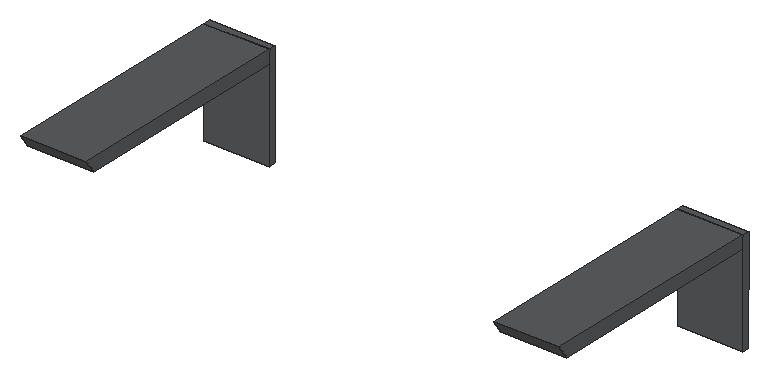
Revit family "Countertop-Supports_Centerline-Brackets_Forward-L-Bracket", category Casework, Revit 2026
Family settings
  Classification Number = 23.40.35.11
  Work Plane-Based = No
  Always vertical = Yes
  Cut with Voids When Loaded = No
  Shared = No
  Room Calculation Point = No
Parameters (values of type "Load Type Catalog!")
  Width [instance] = Span  # 20 1/2"
  URL = "https://www.countertopbracket.com"
  Span [instance] = if(Number of Brackets = 1, 2 1/2", (Bracket Spacing * (Number of Brackets - 1)) + 2 1/2")  # 20 1/2"
  Product data url = "https://www.bimobject.com/centerline_brackets/product/forward-l-bracket"
  Product Material = Centerline Brackets - Steel - Powder Coated - Black (B)
  Placement Height [instance] = 36"
  No of Brackets Control [instance] = if(Number of Brackets < 2, 2, Number of Brackets)  # 2
  Number of Brackets [instance] = 2
  Model = "Forward L Bracket"
  Maximum Spacing [instance] = 22"  # constant formula
  Manufacturer = "Centerline Brackets"  # constant formula
  Length = 9"
  Keynote = "12000"
  Height = 4"  # constant formula
  Finish Note = "When choosing an alternative finish, please remember to update the model number to reflect the chosen finish."  # constant formula
  Finish = "Available Powder Coat Finishes; White (W), Black (B)"  # constant formula
  Description = "Forward L Bracket"
  Depth = 2 1/2"  # constant formula
  Default Elevation = 0"
  Control [instance] = if(Number of Brackets < 2, 0", if(Bracket Spacing > Maximum Spacing, Maximum Spacing, Bracket Spacing))  # 18"
  Bracket Spacing [instance] = 18"
  Assembly Code = "E2010200"
Reference planes (in)
  plane 1 "Center (Front/Back)": y = 0
  plane 2: z = 0
  plane 3 "Center (Left/Right)": x = 0
  plane 4: z = 36
  plane 5: z = 32
  plane 6: y = -9
  plane 7: x = 0
  plane 8: x = 20.5
  plane 9: x = 18
Dimensions and locks (in)
  "Placement Height": plane 4 to plane 2
  "Height": plane 4 to plane 5
  "Length": plane 1 "Center (Front/Back)" to plane 6
  "Control": plane 7 to plane 9
  "Span": plane 7 to plane 8
  group 1 to group 2 = 18"
  group 1 to group 2 = 0"  (x2)
  aligned and locked: plane 2 to level
  aligned and locked: plane 4 to nested 1  (x2)
  aligned and locked: plane 7 to plane 3 "Center (Left/Right)"
  aligned and locked: nested 1 to plane 7
  aligned and locked: plane 1 "Center (Front/Back)" to nested 1
  aligned and locked: nested 2 to plane 9
  aligned and locked: plane 1 "Center (Front/Back)" to nested 2
  aligned and locked: nested 2 to plane 5
  aligned and locked: plane 4 to nested 2  (x2)
Nested families (in)
  nested 1: "ForwardLBracket" at (1.25, 0, 32), type "Geometry"
  nested 2: "ForwardLBracket" at (19.25, 0, 32), type "Geometry"
Definition of nested family "ForwardLBracket"
  Parameters (values of type "Geometry")
    URL = ""
    Product Material = none
    Manufacturer = ""
    Length = 9"
    Height = 4"
    Default Elevation = 0"
  Reference planes (in)
    plane 1 "Center (Front/Back)": y = 0
    plane 2: z = 0
    plane 3 "Center (Left/Right)": x = 0
    plane 4: y = -9
    plane 5: z = 4
    plane 6: x = -1.25
    plane 7: x = 1.25
    plane 8: y = -0.7
    plane 9: y = -1.42
    plane 10: y = -2.5
    plane 11: y = -3.18
    plane 12: x = -0.85
    plane 13: x = -0.5
    plane 14: x = 0.54
    plane 15: x = 0.79
    plane 16: y = -0.25
    plane 17: z = 3
    plane 18: z = 1
  Forms (in)
    Extrusion 1, solid, material <- "Product Material"
      sketch origin (0, 0, 0) x (0, 1, 0) y (0, 0, 1)
        loop
          line (-0.25, 3.5) -> (-0.25, 4) -> (-9, 4) -> (-8.6499, 3.5) -> (-0.25, 3.5)
      from -1.25 to 1.25
    Extrusion 2, solid, material <- "Product Material"
      sketch origin (0, 0, 0) x (0, 1, 0) y (0, 0, 1)
        loop
          line (-0.25, 4) -> (-0.25, 0) -> (0, 0) -> (0, 4) -> (-0.25, 4)
      from -1.25 to 1.25
  Lines and regions (in)
    Masking region 1
      outline origin (0, 0, 0) x (1, 0, 0) y (0, 1, 0)
        loop
          line (-1.25, 0) -> (-1.25, -9) -> (1.25, -9) -> (1.25, 0) -> (-1.25, 0)
    symbolic lines, detail levels medium+fine
      curve 1: circle (-0.85, -0.7, 0) r 0.255 normal (0, 0, 1)
      curve 2: circle (0.54, -1.42, 0) r 0.255 normal (0, 0, 1)
      curve 3: circle (-0.5, -2.5, 0) r 0.255 normal (0, 0, 1)
      curve 4: circle (0.79, -3.18, 0) r 0.255 normal (0, 0, 1)
    model lines, detail levels medium+fine
      curve 5: circle (-0.85, -0.7, 4) r 0.255 normal (0, 0, 1)
      curve 6: circle (0.54, -1.42, 4) r 0.255 normal (0, 0, 1)
      curve 7: circle (-0.5, -2.5, 4) r 0.255 normal (0, 0, 1)
      curve 8: circle (0.79, -3.18, 4) r 0.255 normal (0, 0, 1)
      curve 9: circle (0, -0.25, 3) r 0.13 normal (0, -1, 0)
      curve 10: circle (0, -0.25, 1) r 0.13 normal (0, -1, 0)
  Dimensions and locks (in)
    "Length": plane 1 "Center (Front/Back)" to plane 4
    "Height": plane 5 to plane 2
    locked: plane 8 to plane 1 "Center (Front/Back)" at 0.7
    locked: plane 9 to plane 1 "Center (Front/Back)" at 1.42
    locked: plane 10 to plane 1 "Center (Front/Back)" at 2.5
    locked: plane 11 to plane 1 "Center (Front/Back)" at 3.18
    locked: plane 12 to plane 7 at 2.1
    locked: plane 13 to plane 7 at 1.75
    locked: plane 14 to plane 7 at 0.71
    locked: plane 15 to plane 7 at 0.46
    locked: plane 1 "Center (Front/Back)" to plane 16 at 0.25
    locked: plane 17 to plane 5 at 1
    locked: Extrusion 1 sketch curve to plane 4 (angle 35.00°)
    aligned and locked: plane 2 to level
    aligned and locked: plane 4 to Extrusion 1 sketch curve
    aligned and locked: plane 5 to Extrusion 1 sketch curve
    aligned and locked: plane 1 "Center (Front/Back)" to Masking region 1 sketch curve
    aligned and locked: plane 4 to Masking region 1 sketch curve
    aligned and locked: plane 12 to curve 1
    aligned and locked: plane 13 to curve 3
    aligned and locked: plane 14 to curve 2
    aligned and locked: plane 15 to curve 4
    aligned and locked: plane 11 to curve 4
    aligned and locked: plane 10 to curve 3
    aligned and locked: plane 9 to curve 2
    aligned and locked: plane 8 to curve 1
    aligned and locked: Extrusion 1 to plane 16
    aligned and locked: Extrusion 2 sketch curve to plane 16
    aligned and locked: plane 1 "Center (Front/Back)" to Extrusion 2 sketch curve
    aligned and locked: plane 5 to Extrusion 2 sketch curve
    aligned and locked: level to Extrusion 2 sketch curve
    aligned and locked: Extrusion 2 to plane 6
    aligned and locked: plane 7 to Extrusion 2
  Automatic sketch dimensions
    Masking region 1 sketch curve to plane 3 "Center (Left/Right)" = 1 1/4"
    plane 3 "Center (Left/Right)" to Masking region 1 sketch curve = 1 1/4"
    curve 8 to plane 11 = 0"
    curve 7 to plane 10 = 0"
    curve 6 to plane 9 = 0"
    curve 5 to plane 8 = 0"
    curve 8 to plane 15 = 0"
    curve 6 to plane 14 = 0"
    curve 7 to plane 13 = 0"
    curve 5 to plane 12 = 0"
    Extrusion 1 sketch curve to plane 16 = 0"
    plane 4 to Extrusion 1 sketch curve = 0.3501"
    Extrusion 2 to curve 9 = 1"
    Extrusion 2 to curve 10 = 1"
    Extrusion 2 to curve 10 = 1 1/4"
    Extrusion 2 to curve 9 = 1 1/4"
    radius of curve 1 = 0.255"
    radius of curve 2 = 0.255"
    radius of curve 3 = 0.255"
    radius of curve 4 = 0.255"
    radius of curve 5 = 0.255"
    radius of curve 6 = 0.255"
    radius of curve 7 = 0.255"
    radius of curve 8 = 0.255"
    radius of curve 9 = 0.13"
    radius of curve 10 = 0.13"
